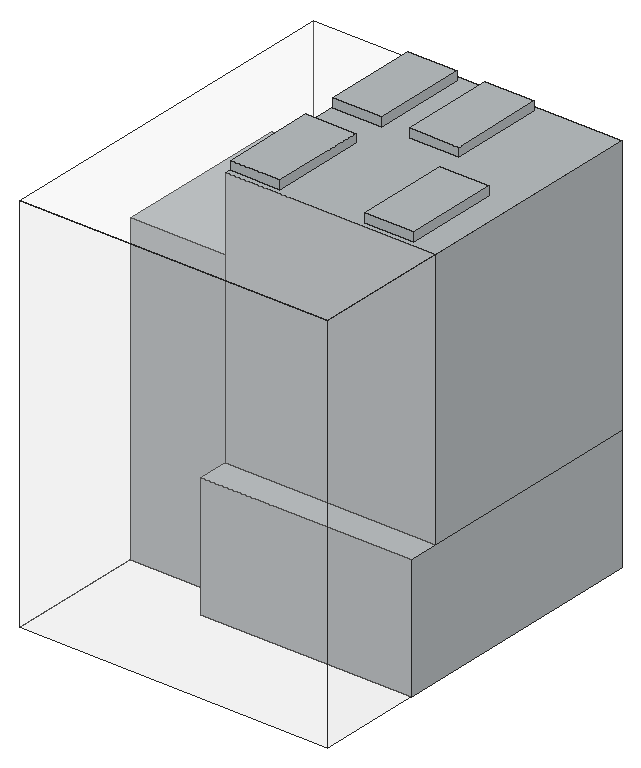
Revit family "lpb-350_500kx5-k_50Hz", category 機械設備, Revit 2019
Family settings
  丸型コネクタ寸法 = 直径を使用
  パーツ タイプ = 標準
  OmniClass 番号 = 23.75.10.34.21
  OmniClass タイトル = Heat Exchangers for Ventilation Air
  作業面ベース = いいえ
  常に垂直 = はい
  ロード時にボイドで切り取り = いいえ
  共有 = いいえ
  部屋計算ポイント = いいえ
Parameters (values of type "LPB-350KX5-K")
  騒音レベル(dB(A)) = 51
  風量 = 3500.0 m³/h
  面風速 = 6.43 m/s
  電源種別 [instance] = ""
  電圧 = 200 V
  電動機出力 = 2.2 W
  集中コントローラ = ""
  運転質量 = 0.00 kg
  連動 [instance] = ""
  質量 = if(製品質量 > 運転質量, 製品質量, 運転質量) * 1.2  # 700.80 kg
  負荷分類 = 3_ファン類
  説明 = "設備用ロスナイ 床置ビルトイン形機械室設置タイプ加湿付"
  設計風量 = 0.0 m³/h
  設置方法 = "床置形"
  記号 [instance] = ""
  製造元 = "三菱電機株式会社"
  製品質量 = 584.00 kg
  製品出荷対象 = "国内"
  製品リリース年月 = "2018/7/25"
  製品グループ = ""
  給水管_Width = 46 mm
  給水管_H = 316 mm
  給水管_D = 131 mm
  系統 [instance] = ""
  符号 = "HEU"
  積算_科目 = "1 空気調和設備"
  積算_拾い区分 [instance] = ""
  相 = 3
  盤記号 [instance] = ""
  発停方法 [instance] = ""
  特殊仕様 [instance] = ""
  火災停止 [instance] = ""
  温度交換効率 = 77.00%
  消費電力 = 2550 W
  法定耐用年数 = "15"
  機外静圧_排気 = 196.0 Pa
  機外静圧 = 196.0 Pa
  極数 = 3
  材質 [instance] = ""
  本体固定用穴ピッチ3 = 300 mm
  本体固定用穴ピッチ2 = 650 mm
  本体固定用穴ピッチ1 = 1710 mm
  本体固定用穴_径 = 20 mm
  本体マテリアル = 溶融亜鉛めっき鋼板
  有効加湿量 = 8.8
  操作・制御方式 = ""
  操作・制御スイッチ = ""
  排気量 = 0.0 m³/h
  形式 = "床置形"
  幹線記号 [instance] = ""
  対象室 [instance] = ""
  実風量 = 0.0 m³/h
  始動方式 [instance] = "直入"
  外気量 = 0.0 m³/h
  呼称 = "全熱交換ユニット"
  周波数 = 50 Hz
  参照している仕様書等のバージョン = "公共建築工事標準仕様書（機械設備工事編）平成31年度版"
  加湿給水管径 = 21.7 mm
  初期抵抗 = 0.0 Pa
  分類コード = "50052504100050"
  分類グループ = ""
  価格 = 10074000
  企業コード = "108420"
  付属品_フィルター_還気 = ""
  付属品_フィルター = ""
  付属品 [instance] = ""
  仕様書バージョン = "Version1.0"
  モデル = "LPB-350KX5-K"
  メンテナンススペース = yes
  ドレン管径 = 27.2 mm
  ドレン管_Width = 46 mm
  ドレン管_H = 65 mm
  ドレン管_D = 326 mm
  コメント [instance] = ""
  Keynote = ""
  エンタルピ交換効率_暖房 = 66.50%
  エンタルピ交換効率_冷房 = 60.50%
  Assembly Code = ""
  Width = 1200 mm
  W2 = 555 mm
  W1 = 1200 mm
  Version = ""
  Uniclass2015Version = "Systems v1.9"
  Uniclass2015Title = "Thermal wheels"
  Uniclass2015Code = "Pr_60_60_36_88"
  URL = "https://www.mitsubishielectric.co.jp/ldg/wink/ssl/displayProduct.do?pid=294068"
  SpecificationReference = ""
  SpecificationDescription = ""
  SAサイズ_W = 280 mm
  SAサイズ_D = 540 mm
  Revision = ""
  RAサイズ_W = 280 mm
  RAサイズ_D = 540 mm
  ProductInformation = ""
  OmniClassCode = "23-27 23 19 11"
  OAサイズ_W = 280 mm
  OAサイズ_D = 540 mm
  MIN風量 = 0.0 m³/h
  MIN静圧 = 0.0 Pa
  MID風量 = 0.0 m³/h
  MID静圧 = 0.0 Pa
  MAX風量 = 3500.0 m³/h
  MAX静圧 = 196.0 Pa
  IfcTypeProduct = ""
  IfcProduct = ""
  IfcExportType = "ROTARYWHEEL"
  IfcExportAs = "IfcAirToAirHeatRecoveryType"
  Height = 1486 mm
  H2 = 1750 mm
  H1 = 700 mm
  EAサイズ_W = 280 mm
  EAサイズ_D = 540 mm
  Duct_SA_W = 6 mm
  Duct_RA_W = 150 mm
  Duct_OA_W = 475 mm
  Duct_Height = 50 mm
  Duct_EA_W = 6 mm
  Duct_D = 30 mm
  Depth = 1328 mm
  D3 = 188 mm
  D2 = 1007 mm
  D1 = 1500 mm
  Clearance Top = 0 mm
  Clearance Right = 0 mm
  Clearance Left = 0 mm
  Clearance Front = 600 mm
  Clearance Bottom = 0 mm
  Clearance Back = 0 mm
  Author = "三菱電機株式会社"
Types (2, lengths in mm): name | 騒音レベル(dB(A)) | 風量 | 面風速 | 電動機出力 | 質量 | 製品質量 | 消費電力 | 機外静圧_排気 | 機外静圧 | 本体固定用穴ピッチ3 | 本体固定用穴ピッチ2 | 本体固定用穴ピッチ1 | 有効加湿量 | 価格 | モデル | ドレン管_D | Width | W1 | URL | SAサイズ_D | RAサイズ_D | OAサイズ_D | MAX風量 | MAX静圧 | Height | H2 | EAサイズ_D | Duct_RA_W | Duct_OA_W | Depth | D3 | D2 | D1
  LPB-350KX5-K | 51 | 3500.0 m³/h | 6.43 m/s | 2.2 W | 700.80 kg | 584.00 kg | 2550 W | 196.0 Pa | 196.0 Pa | 300 | 650 | 1710 | 8.8 | 10074000 | "LPB-350KX5-K" | 326 | 1200 | 1200 | "https://www.mitsubishielectric.co.jp/ldg/wink/ssl/displayProduct.do?pid=294068" | 540 | 540 | 540 | 3500.0 m³/h | 196.0 Pa | 1486 | 1750 | 540 | 150 | 475 | 1328 | 188 | 1007 | 1500
  LPB-500KX5-K | 55 | 5000.0 m³/h | 6.89 m/s | 3.7 W | 884.40 kg | 737.00 kg | 4250 W | 250.0 Pa | 250.0 Pa | 450 | 750 | 1810 | 12.5 | 12531000 | "LPB-500KX5-K" | 256 | 1300 | 1300 | "https://www.mitsubishielectric.co.jp/ldg/wink/ssl/displayProduct.do?pid=294069" | 720 | 720 | 720 | 5000.0 m³/h | 250.0 Pa | 1586 | 2000 | 720 | 202 | 528 | 1690 | 190 | 1240 | 1690
Reference planes
  plane 1 "中心(正面/背面)": y = 0
  plane 2: z = 0
  plane 3 "中心(左/右)": x = 0
  plane 4: z = 0
  plane 5: x = -600
  plane 6: y = 664
  plane 7: y = -664
  plane 8: x = 600
  plane 9: x = 600
  plane 10: y = 664
  plane 11: y = -836
  plane 12: x = -600
  plane 13: y = 664
  plane 14: y = -1436
  plane 15: x = -1155
  plane 16: y = -648
  plane 17: y = 359
  plane 18: x = 600
  plane 19: x = -1155
  plane 20: y = -634
  plane 21: y = -94
  plane 22: y = 634
  plane 23: y = 94
  plane 24: y = -634
  plane 25: y = -94
  plane 26: y = 634
  plane 27: y = 94
  plane 28: x = -594
  plane 29: x = -314
  plane 30: x = 450
  plane 31: x = 170
  plane 32: x = -594
  plane 33: x = -314
  plane 34: x = 125
  plane 35: x = -155
  plane 36: z = 700
  plane 37: z = 2186
  plane 38: z = 2236
  plane 39: z = 1750
  plane 40: y = -322
  plane 41: y = -517
  plane 42: z = 65
  plane 43: z = 316
  plane 44: x = -1201
  plane 45: x = -1201
  plane 46: x = 575
  plane 47: x = -1135
  plane 48: y = -86
  plane 49: y = -386
  plane 50: y = 214
  plane 51: y = -736
  plane 52: y = 564
  plane 53: z = 2186
Forms (mm)
  Extrusion 1, solid, material "溶融亜鉛めっき鋼板" <- "本体マテリアル", detail levels fine
    sketch origin (0, 0, 0) x (1, 0, 0) y (0, 1, 0)
      loop
        line (-600, -836) -> (600, -836) -> (600, 664) -> (-600, 664) -> (-600, -836)
    from 0 to 700
  Extrusion 2, solid, material "溶融亜鉛めっき鋼板" <- "本体マテリアル", detail levels fine
    sketch origin (0, 0, 0) x (1, 0, 0) y (0, 1, 0)
      loop
        line (600, 664) -> (-600, 664) -> (-600, -664) -> (600, -664) -> (600, 664)
    from 700 to 2186
  Extrusion 3, solid, material "溶融亜鉛めっき鋼板" <- "本体マテリアル", detail levels fine
    sketch origin (0, 0, 0) x (1, 0, 0) y (0, 1, 0)
      loop
        line (-594, 634) -> (-594, 94) -> (-314, 94) -> (-314, 634) -> (-594, 634)
      loop
        line (-155, 634) -> (-155, 94) -> (125, 94) -> (125, 634) -> (-155, 634)
      loop
        line (-594, -634) -> (-314, -634) -> (-314, -94) -> (-594, -94) -> (-594, -634)
      loop
        line (170, -634) -> (450, -634) -> (450, -94) -> (170, -94) -> (170, -634)
    from 2186 to 2236
  Extrusion 4, solid, material "溶融亜鉛めっき鋼板" <- "本体マテリアル", detail levels fine
    sketch origin (0, 0, 0) x (1, 0, 0) y (0, 1, 0)
      loop
        line (-1155, -648) -> (-600, -648) -> (-600, 359) -> (-1155, 359) -> (-1155, -648)
    from 0 to 1750
  Extrusion 5, solid, material "溶融亜鉛めっき鋼板" <- "本体マテリアル", detail levels fine
    sketch origin (0, 0, 0) x (0, 1, 0) y (0, 0, 1)
      loop
        circle (-322, 65) r 13.6
    from -1201 to -1155
  Extrusion 6, solid, material "溶融亜鉛めっき鋼板" <- "本体マテリアル", detail levels fine
    sketch origin (0, 0, 0) x (0, 1, 0) y (0, 0, 1)
      loop
        circle (-517, 316) r 10.85
    from -1201 to -1155
Lines and regions (mm)
  Masking region 1, detail levels coarse+medium
    outline origin (1331.5, 88, 0) x (1, 0, 0) y (0, 1, 0)
      loop
        line (-1931.5, 576) -> (-1931.5, -752) -> (-731.5, -752) -> (-731.5, 576) -> (-1931.5, 576)
  symbolic lines, detail levels coarse+medium
    curve 1: line (0, 664, 0) -> (-600, 0, 0)
    curve 2: line (-600, 0, 0) -> (0, -664, 0)
    curve 3: line (0, -664, 0) -> (600, 0, 0)
    curve 4: line (0, 664, 0) -> (600, 0, 0)
Dimensions and locks
  equal spacing: plane 5, plane 3 "中心(左/右)", plane 8
  "Width": plane 5 to plane 8
  equal spacing: plane 6, plane 1 "中心(正面/背面)", plane 7
  "Depth": plane 7 to plane 6
  "D1": plane 10 to plane 11
  locked: plane 6 to plane 10 at 0
  equal spacing: plane 12, plane 3 "中心(左/右)", plane 9
  "W1": plane 12 to plane 9
  "Clearance Back": plane 13 to plane 10
  "Clearance Front": plane 11 to plane 14
  "D3": plane 16 to plane 11
  "D2": plane 17 to plane 16
  "W2": plane 15 to plane 12
  "Clearance Right": plane 9 to plane 18
  "Clearance Left": plane 19 to plane 15
  "Duct_D": plane 7 to plane 20
  "RAサイズ_D": plane 21 to plane 20
  "OAサイズ_D": plane 23 to plane 22
  "Duct_D": plane 22 to plane 6
  "Duct_D": plane 7 to plane 24
  "SAサイズ_D": plane 24 to plane 25
  "EAサイズ_D": plane 26 to plane 27
  "Duct_D": plane 6 to plane 26
  "Duct_SA_W": plane 5 to plane 28
  "SAサイズ_W": plane 28 to plane 29
  "RAサイズ_W": plane 30 to plane 31
  "Duct_RA_W": plane 30 to plane 8
  "EAサイズ_W": plane 32 to plane 33
  "OAサイズ_W": plane 34 to plane 35
  "Duct_EA_W": plane 5 to plane 32
  "Duct_OA_W": plane 34 to plane 8
  "H1": plane 36 to level
  "Height": plane 37 to plane 36
  "Duct_Height": plane 38 to plane 37
  "H2": plane 39 to level
  "ドレン管_H": plane 42 to level
  "給水管_H": plane 43 to level
  "給水管_Width": plane 44 to plane 15
  "ドレン管_Width": plane 45 to plane 15
  "本体固定用穴ピッチ1": plane 47 to plane 46
  locked: plane 46 to plane 8 at 25
  equal spacing: plane 10, plane 48, plane 11
  "本体固定用穴ピッチ3": plane 49 to plane 48 to plane 50
  "本体固定用穴ピッチ2": plane 51 to plane 48 to plane 52
  "Clearance Top": plane 53 to plane 37
  "給水管_D": plane 41 to plane 16
  "ドレン管_D": plane 40 to plane 16
  "ドレン管径": diameter of Extrusion 5 sketch curve
  "加湿給水管径": diameter of Extrusion 6 sketch curve
  aligned and locked: level to plane 2
  aligned and locked: Masking region 1 to plane 8
  aligned and locked: plane 6 to Masking region 1
  aligned and locked: Masking region 1 to plane 5
  aligned and locked: plane 7 to Masking region 1
  aligned and locked: plane 1 "中心(正面/背面)" to curve 2
  aligned and locked: plane 7 to curve 3
  aligned and locked: plane 6 to curve 4
  aligned and locked: plane 1 "中心(正面/背面)" to curve 3
  aligned and locked: plane 5 to curve 1
  aligned and locked: Extrusion 1 sketch curve to plane 11
  aligned and locked: plane 12 to Extrusion 1 sketch curve
  aligned and locked: plane 10 to Extrusion 1 sketch curve
  aligned and locked: plane 9 to Extrusion 1 sketch curve
  aligned and locked: plane 6 to Extrusion 2 sketch curve
  aligned and locked: Extrusion 2 sketch curve to plane 8
  aligned and locked: plane 7 to Extrusion 2 sketch curve
  aligned and locked: Extrusion 2 sketch curve to plane 5
  aligned and locked: Extrusion 3 sketch curve to plane 26
  aligned and locked: plane 32 to Extrusion 3 sketch curve
  aligned and locked: plane 27 to Extrusion 3 sketch curve
  aligned and locked: Extrusion 3 sketch curve to plane 33
  aligned and locked: plane 22 to Extrusion 3 sketch curve
  aligned and locked: Extrusion 3 sketch curve to plane 35
  aligned and locked: Extrusion 3 sketch curve to plane 23
  aligned and locked: plane 34 to Extrusion 3 sketch curve
  aligned and locked: plane 24 to Extrusion 3 sketch curve
  aligned and locked: Extrusion 3 sketch curve to plane 28
  aligned and locked: Extrusion 3 sketch curve to plane 25
  aligned and locked: plane 29 to Extrusion 3 sketch curve
  aligned and locked: Extrusion 3 sketch curve to plane 20
  aligned and locked: plane 31 to Extrusion 3 sketch curve
  aligned and locked: plane 21 to Extrusion 3 sketch curve
  aligned and locked: Extrusion 3 sketch curve to plane 30
  aligned and locked: Extrusion 4 sketch curve to plane 16
  aligned and locked: Extrusion 4 sketch curve to plane 15
  aligned and locked: Extrusion 4 sketch curve to plane 17
  aligned and locked: Extrusion 4 sketch curve to plane 12
  aligned and locked: plane 38 to Extrusion 3
  aligned and locked: Extrusion 3 to plane 37
  aligned and locked: plane 37 to Extrusion 2
  aligned and locked: Extrusion 2 to plane 36
  aligned and locked: Extrusion 1 to level
  aligned and locked: plane 39 to Extrusion 4
  aligned and locked: Extrusion 4 to level
  aligned and locked: nested 2 to plane 48
  aligned and locked: nested 2 to plane 47
  aligned and locked: plane 46 to nested 2
  aligned and locked: plane 47 to nested 1
  aligned and locked: nested 1 to plane 49
  aligned and locked: nested 1 to plane 50
  aligned and locked: plane 46 to nested 3
  aligned and locked: plane 51 to nested 3
  aligned and locked: nested 3 to plane 52
  aligned and locked: nested 4 to plane 19
  aligned and locked: nested 4 to plane 18
  aligned and locked: nested 4 to plane 14
  aligned and locked: nested 4 to plane 13
  aligned and locked: plane 53 to nested 4
  aligned and locked: level to nested 4
  aligned and locked: Extrusion 6 to plane 44
  aligned and locked: plane 15 to Extrusion 6
  aligned and locked: Extrusion 5 to plane 45
  aligned and locked: plane 15 to Extrusion 5
Automatic sketch dimensions
  Extrusion 5 sketch curve to plane 40 = 0 mm
  Extrusion 5 sketch curve to plane 42 = 0 mm
  Extrusion 6 sketch curve to plane 41 = 0 mm
  Extrusion 6 sketch curve to plane 43 = 0 mm
  curve 2 to plane 3 "中心(左/右)" = 0 mm
  curve 4 to plane 3 "中心(左/右)" = 0 mm
  curve 4 to plane 8 = 0 mm
  Masking region 1 sketch curve to plane 5 = 0 mm
  plane 7 to Masking region 1 sketch curve = 0 mm
  Masking region 1 sketch curve to plane 8 = 0 mm
  Masking region 1 sketch curve to plane 6 = 0 mm
Nested families
  nested 1: "固定点" at (-1135, 214, 0) x (0, -1, 0) z (0, 0, 1), type "固定点"
    with W 600 mm, D 1000 mm
  nested 2: "固定点" at (-1135, -86, 0), type "固定点"
    with W 1710 mm, D 1000 mm
  nested 3: "固定点" at (575, -736, 0) x (0, 1, 0) z (0, 0, 1), type "固定点"
    with W 1300 mm, D 1000 mm
  nested 4: "メンテナンススペース" at (-277.5, -386, 1093), visible <- "メンテナンススペース", type "メンテナンススペース"
    with Width 1755 mm, Height 2186 mm, Depth 2100 mm
Connectors
  hvac at (-454, -364, 2236), driven by "機外静圧", driven by "風量", driven by "SAサイズ_D", driven by "SAサイズ_W"
    settings: on Extrusion 3, index 1, duct flow 3500.0 m³/h, flow factor 0, pres drop 196.0 Pa, loss coef 0, conn angle 0.00°, conn width 280 mm, conn height 540 mm, conn diameter 609.6 mm, duct sys type 1, conn prof type 1, flow config 0, flow direction 2, loss method 4, conn ref index -1, conn util no, is conn primary yes, conn desc ""
  hvac at (310, -364, 2236), driven by "機外静圧", driven by "風量", driven by "RAサイズ_D", driven by "RAサイズ_W"
    settings: on Extrusion 3, index 2, duct flow 3500.0 m³/h, flow factor 0, pres drop 196.0 Pa, loss coef 0, conn angle 0.00°, conn width 280 mm, conn height 540 mm, conn diameter 609.6 mm, duct sys type 2, conn prof type 1, flow config 0, flow direction 1, loss method 4, conn ref index -1, conn util no, is conn primary no, conn desc ""
  hvac at (-454, 364, 2236), driven by "EAサイズ_D", driven by "EAサイズ_W", driven by "機外静圧_排気", driven by "風量"
    settings: on Extrusion 3, index 3, duct flow 3500.0 m³/h, flow factor 0, pres drop 196.0 Pa, loss coef 0, conn angle 0.00°, conn width 280 mm, conn height 540 mm, conn diameter 609.6 mm, duct sys type 3, conn prof type 1, flow config 0, flow direction 2, loss method 4, conn ref index -1, conn util no, is conn primary no, conn desc ""
  hvac at (-15, 364, 2236), driven by "機外静圧", driven by "風量", driven by "OAサイズ_D", driven by "OAサイズ_W"
    settings: on Extrusion 3, index 4, duct flow 3500.0 m³/h, flow factor 0, pres drop 196.0 Pa, loss coef 0, conn angle 0.00°, conn width 280 mm, conn height 540 mm, conn diameter 609.6 mm, duct sys type 4, conn prof type 1, flow config 0, flow direction 1, loss method 4, conn ref index -1, conn util no, is conn primary no, conn desc ""
  electrical at (0, -664, 1443), driven by "極数", driven by "負荷分類", driven by "電圧", driven by "消費電力"
    settings: on Extrusion 2, index 6, voltage 200 V, apparent load 2550 VA, apparent load phase1 0 VA, apparent load phase2 0 VA, apparent load phase3 0 VA, power factor 1, load classification "3_ファン類", number of poles 3, system type 30, power factor state 1, is connector primary yes, connector utility no, sub classification motor no, connector description ""
  piping at (-1201, -517, 316), diameter 21.7, driven by "加湿給水管径"
    settings: on Extrusion 6, index 7, connector inside diameter 609.6 mm, connector length 0 mm, flow factor 0, pipe flow 0.0 L/s, pressure drop 0.0 Pa, fitting loss kfactor 0, connector angle 0.00°, fixture units 0, engagement length 0 mm, angle of deflection 0.00°, flow configuration 0, flow direction 1, fitting loss method 4, system type 20, joint type 0, gender type 0, connector reference index -1, connector utility 0, adjustable connector no, is connector primary yes, connector description ""
  piping at (-1201, -322, 65), diameter 27.2, driven by "ドレン管径"
    settings: on Extrusion 5, index 8, connector inside diameter 609.6 mm, connector length 0 mm, flow factor 0, pipe flow 0.0 L/s, pressure drop 0.0 Pa, fitting loss kfactor 0, connector angle 0.00°, fixture units 0, engagement length 0 mm, angle of deflection 0.00°, flow configuration 0, flow direction 2, fitting loss method 4, system type 16, joint type 0, gender type 0, connector reference index -1, connector utility 0, adjustable connector no, is connector primary no, connector description ""
Definition of nested family "メンテナンススペース"
  Parameters (values of type "メンテナンススペース")
    Width [instance] = 500 mm
    Height [instance] = 500 mm
    Depth [instance] = 500 mm
  Reference planes
    plane 1 "中心(正面/背面)": y = 0
    plane 2: z = 0
    plane 3 "中心(左/右)": x = 0
    plane 4: y = -250
    plane 5: x = 250
    plane 6: y = 250
    plane 7: x = -250
    plane 8: z = 250
    plane 9: z = -250
  Forms (mm)
    Extrusion 1, solid
      sketch origin (-638.939, 0, 72.39) x (1, 0, 0) y (0, 1, 0)
        loop
          line (388.939, 250) -> (388.939, -250) -> (888.939, -250) -> (888.939, 250) -> (388.939, 250)
      from -322.39 to 177.61
  Lines and regions (mm)
    symbolic lines
      curve 1: line (-250, 0, 250) -> (250, 0, 250)
      curve 2: line (-250, 0, -250) -> (-250, 0, 250)
      curve 3: line (250, 0, -250) -> (-250, 0, -250)
      curve 4: line (250, 0, 250) -> (250, 0, -250)
      curve 5: line (0, -250, 250) -> (0, 250, 250)
      curve 6: line (0, -250, -250) -> (0, -250, 250)
      curve 7: line (0, 250, -250) -> (0, -250, -250)
      curve 8: line (0, 250, 250) -> (0, 250, -250)
      curve 9: line (-250, 250, 0) -> (250, 250, 0)
      curve 10: line (-250, -250, 0) -> (-250, 250, 0)
      curve 11: line (250, -250, 0) -> (-250, -250, 0)
      curve 12: line (250, 250, 0) -> (250, -250, 0)
  Dimensions and locks
    equal spacing: plane 7, plane 3 "中心(左/右)", plane 5
    equal spacing: plane 4, plane 1 "中心(正面/背面)", plane 6
    "Depth": plane 4 to plane 6
    "Width": plane 7 to plane 5
    equal spacing: plane 8, plane 2, plane 9
    "Height": plane 8 to plane 9
    aligned and locked: plane 9 to curve 3
    aligned and locked: plane 7 to curve 2
    aligned and locked: curve 4 to plane 5
    aligned and locked: plane 5 to Extrusion 1
    aligned and locked: Extrusion 1 to plane 7
    aligned and locked: Extrusion 1 to plane 9
    aligned and locked: plane 8 to Extrusion 1
    aligned and locked: plane 9 to curve 7
  Automatic sketch dimensions
    plane 4 to Extrusion 1 sketch curve = 0 mm
    Extrusion 1 sketch curve to plane 7 = 0 mm
    Extrusion 1 sketch curve to plane 5 = 0 mm
    plane 6 to Extrusion 1 sketch curve = 0 mm
    curve 2 to plane 8 = 0 mm
    plane 4 to curve 11 = 0 mm
    curve 11 to plane 7 = 0 mm
    curve 11 to plane 5 = 0 mm
    plane 6 to curve 10 = 0 mm
    curve 7 to plane 4 = 0 mm
    curve 7 to plane 6 = 0 mm
    curve 6 to plane 8 = 0 mm
Definition of nested family "固定点"
  Parameters (values of type "固定点")
    中心円 = 20 mm
    W [instance] = 1000 mm
    D [instance] = 1000 mm
  Reference planes
    plane 1 "中心(正面/背面)": y = 0
    plane 2: z = 0
    plane 3 "中心(左/右)": x = 0
    plane 4: x = 1000
  Lines and regions (mm)
    symbolic lines, detail levels fine
      curve 1: circle (0, 0, 0) r 10 normal (0, 0, 1)
      curve 2: circle (1000, 0, 0) r 10 normal (0, 0, 1)
      curve 3: line (-200, 0, 0) -> (1200, 0, 0)
      curve 4: line (0, 200, 0) -> (0, -200, 0)
      curve 5: line (1000, 200, 0) -> (1000, -200, 0)
  Dimensions and locks
    "W": plane 3 "中心(左/右)" to plane 4
    "中心円": diameter of curve 1
    "中心円": diameter of curve 2
    aligned and locked: level to plane 2
    aligned and locked: plane 3 "中心(左/右)" to curve 1
    aligned and locked: plane 1 "中心(正面/背面)" to curve 1
    aligned and locked: plane 1 "中心(正面/背面)" to curve 2
    aligned and locked: plane 4 to curve 2
    aligned and locked: plane 1 "中心(正面/背面)" to curve 3
    aligned and locked: curve 4 to plane 3 "中心(左/右)"
    aligned and locked: curve 5 to plane 4
  Automatic sketch dimensions
    curve 3 to plane 3 "中心(左/右)" = 200 mm
    curve 2 to curve 3 = 200 mm
    plane 1 "中心(正面/背面)" to curve 4 = 200 mm
    plane 1 "中心(正面/背面)" to curve 5 = 200 mm
    curve 5 to plane 1 "中心(正面/背面)" = 200 mm
    curve 4 to plane 1 "中心(正面/背面)" = 200 mm
